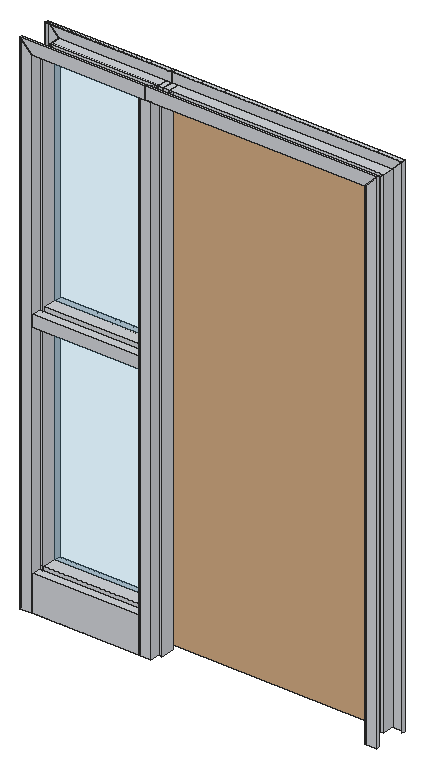
Revit family "SideLight Int-F-WDMF-36 x 84-18 RSLT-4 Head", category Doors, host Wall, Revit 2014
Parameters (values of type "Int-F-WDMF-36 x 84-18 RSLT-4 Head")
  Width = Door Panel Width  # 3' - 0"
  Wall Thickness [instance] = 0' - 5 3/4"
  URL = ""
  Type Comments = "EXT,"
  Thickness = 0' - 1 3/4"
  Swing Angle [instance] = 90.00°
  Sidelite Width = P2 Width - 0' 2"  # 1' - 6"
  SDI Right Sidelite Width = Sidelite Width  # 1' - 6"
  SDI RO Spacing = 0' - 0"
  SDI Panel 1 Width = Leaf Width + 0' 0 3/16"  # 3' - 0"
  SDI No Panels = ""
  SDI HW Set [instance] = ""
  SDI HW Item 20 [instance] = ""
  SDI HW Item 19 [instance] = ""
  SDI HW Item 18 [instance] = ""
  SDI HW Item 17 [instance] = ""
  SDI HW Item 16 [instance] = ""
  SDI HW Item 15 [instance] = ""
  SDI HW Item 14 [instance] = ""
  SDI HW Item 13 [instance] = ""
  SDI HW Item 12 [instance] = ""
  SDI HW Item 11 [instance] = ""
  SDI HW Item 10 [instance] = ""
  SDI HW Item 09 [instance] = ""
  SDI HW Item 08 [instance] = ""
  SDI HW Item 07 [instance] = ""
  SDI HW Item 06 [instance] = ""
  SDI HW Item 05 [instance] = ""
  SDI HW Item 04 [instance] = ""
  SDI HW Item 03 [instance] = ""
  SDI HW Item 02 [instance] = ""
  SDI HW Item 01 [instance] = ""
  SDI Glass Material = Glass
  SDI Frame Type = "Right Sidelite"
  SDI Frame Sill Width = 0' - 6"
  SDI Frame Material Type = "Hollow Metal"
  SDI Frame Material = Paint - Generic - Prime
  SDI Frame Manufacturer = ""
  SDI Frame Jamb Width = 0' - 2"
  SDI Frame Head Width = 0' - 2"
  SDI Frame Finish Type = "Painted"
  SDI Frame Finish Color = "Prime"
  SDI Frame Depth [instance] = 0' - 5 3/4"
  SDI Family Version = "1.0"
  SDI Door Panel Type = "F"
  SDI Door Material Type = "Wood"
  SDI Door Material = Stain - SRO - Red Oak 100 Clear
  SDI Door Manufacturer = ""
  SDI Door Finish Type = "SRO"
  SDI Door Finish Color = "Red Oak 100 Clear"
  SDI Door Configuration = "SG"
  SDI Arch Frame Type [instance] = ""
  SDI Arch Frame Material Type [instance] = "HM"
  SDI Arch Door Panel Type [instance] = "F"
  SDI Arch Door Material Type [instance] = "WD"
  SDI Adjacent Wall Placement = 0' - 4"
  Rough Width = Frame Width - 0' 0" + 2 * SDI RO Spacing  # 5' - 0"
  Rough Height = Frame Height - 0' 0" + SDI RO Spacing  # 7' - 2"
  R1 Height = 7' - 0"
  P2 Width = 1' - 8"
  P1 Width = 3' - 2"
  Model = "Int-F-WDMF-36 x 84-18 RSLT-4 Head"
  Manufacturer = ""
  Leaf Width = P1 Width - 0' 2 3/16"  # 2' - 11 13/16"
  Height = Door Panel Height  # 7' - 0"
  Glass Offset [instance] = 0' 2 1/16" + (SDI Frame Depth - 0' 5 3/4") / 2  # 0' - 2 1/16"
  Function = Interior
  Frame Width = P1 Width + P2 Width + 0' 2"  # 5' - 0"
  Frame Offset [instance] = if(Aligned Exterior, SDI Frame Depth / 2, if(Aligned Center, Wall Thickness / 2, if(Aligned Interior, Wall Thickness - SDI Frame Depth + SDI Frame Depth / 2, Aligned Other)))  # 0' - 2 7/8"
  Frame Height = R1 Height + 0' 2"  # 7' - 2"
  Fire Rating = ""
  Exterior Glazing [instance] = no
  Door Panel Width = P1 Width - 0' 2"  # 3' - 0"
  Door Panel Height = R1 Height + 0' 2" - (0' 2")  # 7' - 0"
  Door Offset [instance] = 0' 2 13/16" + (SDI Frame Depth - 0' 5 3/4") / 2  # 0' - 2 13/16"
  Description = "Wood Door with Hollow Metal Frame"
  Cost = 0
  Assembly Code = "C1020320"
  Analytic Construction = "<None>"
  Aligned Other [instance] = 0' - 0"
  Aligned Interior [instance] = no
  Aligned Exterior [instance] = yes
  Aligned Center [instance] = no
  ADA Clearance Lines = no
Reference planes (in)
  plane 1: y = 0
  plane 2 "Center (Left/Right)": x = 0
  plane 3 "Wall Edge": y = 2.875
  plane 4 "Wall Interior": y = -2.875
  plane 5 "ModelRefLevel": z = 0
  plane 6 "FrameDepthPlane": y = 0
  plane 7 "FrameFront": y = 2.875
  plane 8 "FrameBack": y = -2.875
  plane 9 "V0": x = 29
  plane 10 "V1": x = -9
  plane 11 "V2": x = -29
  plane 12 "H0": z = 1
  plane 13 "H1": z = 85
  plane 14 "InTermLeftJamb0": x = 28
  plane 15 "OutTermLeftJamb0": x = 30
  plane 16 "OutsideJamb1": x = -10
  plane 17 "InsideJamb1": x = -8
  plane 18 "InTermRightJamb2": x = -28
  plane 19 "OutTermRightJamb2": x = -30
  plane 20 "D0.151041666666667": y = 1.0625
  plane 21 "D0.109375": y = 1.5625
  plane 22 "DoorLeft": x = 28
  plane 23 "DoorRight": x = -8
  plane 24 "DoorCenter": x = 10
  plane 25 "DoorTop": z = 83.875
  plane 26 "DoorCenterTB": z = 41.9375
  plane 27 "DoorExtFace": y = 2.8125
  plane 28 "DoorGlassFace": y = 2.0625
  plane 29 "LockCenterLine": z = 41.3125
  plane 30 "ActDoorLeft": x = 27.90625
  plane 31 "SwingClrPlane": y = 62.875
  plane 32 "SwingPartialPlane": y = 50.875
  plane 33 "LeftAdjWall": x = 34
  plane 34: z = 43
Forms (in)
  Extrusion 1, solid
    sketch origin (148.6875, 0, 43) x (-1, 0, 0) y (0, -1, 0)
      loop
        line (118.6875, -2.375) -> (118.6875, -2.875) -> (120.6875, -2.875) -> (120.6875, -0.9375) -> (121.3125, -0.9375) -> (121.3125, 1.3125) -> (120.6875, 1.3125) -> (120.6875, 2.875) -> (118.6875, 2.875) -> (118.6875, 2.4375) -> (118.75, 2.4375) -> (118.75, 2.8125) -> (120.625, 2.8125) -> (120.625, 1.25) -> (121.25, 1.25) -> (121.25, -0.875) -> (120.625, -0.875) -> (120.625, -2.8125) -> (118.75, -2.8125) -> (118.75, -2.375) -> (118.6875, -2.375)
    from -43 to 43
  Extrusion 2, void
    sketch origin (0, 2.875, 0) x (1, 0, 0) y (0, 0, 1)
      loop
        line (30, 86) -> (27.375, 86) -> (27.375, 83.375) -> (30, 86)
    from -12 to 12
  Extrusion 3, solid
    sketch origin (111, 0, 42) x (-1, 0, 0) y (0, -1, 0)
      loop
        line (121, -0.9375) -> (121.625, -0.9375) -> (121.625, 1.3125) -> (121, 1.3125) -> (121, 2.875) -> (119, 2.875) -> (119, 1.3125) -> (118.375, 1.3125) -> (118.375, -0.9375) -> (119, -0.9375) -> (119, -2.875) -> (121, -2.875) -> (121, -0.9375)
      loop
        line (120.9375, -0.875) -> (121.5625, -0.875) -> (121.5625, 1.25) -> (120.9375, 1.25) -> (120.9375, 2.8125) -> (119.0625, 2.8125) -> (119.0625, 1.25) -> (118.4375, 1.25) -> (118.4375, -0.875) -> (119.0625, -0.875) -> (119.0625, -2.8125) -> (120.9375, -2.8125) -> (120.9375, -0.875)
    from -42 to 42
  Extrusion 4, solid
    sketch origin (91.3125, 0, 43) x (-1, 0, 0) y (0, -1, 0)
      loop
        line (121.25, -2.375) -> (121.25, -2.8125) -> (119.375, -2.8125) -> (119.375, -0.875) -> (118.75, -0.875) -> (118.75, 1.25) -> (119.375, 1.25) -> (119.375, 2.8125) -> (121.25, 2.8125) -> (121.25, 2.4375) -> (121.3125, 2.4375) -> (121.3125, 2.875) -> (119.3125, 2.875) -> (119.3125, 1.3125) -> (118.6875, 1.3125) -> (118.6875, -0.9375) -> (119.3125, -0.9375) -> (119.3125, -2.875) -> (121.3125, -2.875) -> (121.3125, -2.375) -> (121.25, -2.375)
    from -43 to 43
  Extrusion 5, void
    sketch origin (0, 2.875, 0) x (1, 0, 0) y (0, 0, 1)
      loop
        line (-30, 86) -> (-27.375, 83.375) -> (-27.375, 86) -> (-30, 86)
    from -12 to 12
  Extrusion 6, solid
    sketch origin (-19, 0, 3.3125) x (0, 1, 0) y (0, 0, 1)
      loop
        line (2.375, -3.3125) -> (2.875, -3.3125) -> (2.875, 2.6875) -> (0.9375, 2.6875) -> (0.9375, 3.3125) -> (-1.3125, 3.3125) -> (-1.3125, 2.6875) -> (-2.875, 2.6875) -> (-2.875, -3.3125) -> (-2.4375, -3.3125) -> (-2.4375, -3.25) -> (-2.8125, -3.25) -> (-2.8125, 2.625) -> (-1.25, 2.625) -> (-1.25, 3.25) -> (0.875, 3.25) -> (0.875, 2.625) -> (2.8125, 2.625) -> (2.8125, -3.25) -> (2.375, -3.25) -> (2.375, -3.3125)
    from -9 to 9
  Extrusion 7, solid
    sketch origin (10.5, 0, 84.6875) x (0, 1, 0) y (0, 0, 1)
      loop
        line (2.375, 1.25) -> (2.8125, 1.25) -> (2.8125, -0.625) -> (0.875, -0.625) -> (0.875, -1.25) -> (-1.25, -1.25) -> (-1.25, -0.625) -> (-2.8125, -0.625) -> (-2.8125, 1.25) -> (-2.4375, 1.25) -> (-2.4375, 1.3125) -> (-2.875, 1.3125) -> (-2.875, -0.6875) -> (-1.3125, -0.6875) -> (-1.3125, -1.3125) -> (0.9375, -1.3125) -> (0.9375, -0.6875) -> (2.875, -0.6875) -> (2.875, 1.3125) -> (2.375, 1.3125) -> (2.375, 1.25)
    from -19.5 to 19.5
  Extrusion 8, void
    sketch origin (0, 2.875, 0) x (1, 0, 0) y (0, 0, 1)
      loop
        line (30, 86) -> (27.375, 83.375) -> (30, 83.375) -> (30, 86)
    from -12 to 12
  Extrusion 9, solid
    sketch origin (-19.5, 0, 84.6875) x (0, 1, 0) y (0, 0, 1)
      loop
        line (2.375, 1.25) -> (2.8125, 1.25) -> (2.8125, -0.625) -> (0.875, -0.625) -> (0.875, -1.25) -> (-1.25, -1.25) -> (-1.25, -0.625) -> (-2.8125, -0.625) -> (-2.8125, 1.25) -> (-2.4375, 1.25) -> (-2.4375, 1.3125) -> (-2.875, 1.3125) -> (-2.875, -0.6875) -> (-1.3125, -0.6875) -> (-1.3125, -1.3125) -> (0.9375, -1.3125) -> (0.9375, -0.6875) -> (2.875, -0.6875) -> (2.875, 1.3125) -> (2.375, 1.3125) -> (2.375, 1.25)
    from -10.5 to 10.5
  Extrusion 10, void
    sketch origin (0, 2.875, 0) x (1, 0, 0) y (0, 0, 1)
      loop
        line (-30, 86) -> (-30, 83.375) -> (-27.375, 83.375) -> (-30, 86)
    from -12 to 12
  Extrusion 11, solid, material "Glass" <- "SDI Glass Material"
    sketch origin (-60, 1.0625, -12) x (1, 0, 0) y (0, 0, 1)
      loop
        line (50, 18) -> (50, 55) -> (32, 55) -> (32, 18) -> (50, 18)
      loop
        line (32, 96) -> (32, 57) -> (50, 57) -> (50, 96) -> (32, 96)
    from -0.125 to 0.125
  Extrusion 12, solid, material "Glass" <- "SDI Glass Material", visible <- "Exterior Glazing"
    sketch origin (-60, 1.5625, -12) x (1, 0, 0) y (0, 0, 1)
      loop
        line (50, 18) -> (50, 55) -> (32, 55) -> (32, 18) -> (50, 18)
      loop
        line (32, 96) -> (32, 57) -> (50, 57) -> (50, 96) -> (32, 96)
    from -0.125 to 0.125
  Extrusion 13, solid, material "Stain - SRO - Red Oak 100 Clear" <- "SDI Door Material"
    sketch origin (-60, 2.8125, -12) x (1, 0, 0) y (0, 0, 1)
      loop
        line (87.90625, 12.625) -> (87.90625, 95.875) -> (52.09375, 95.875) -> (52.09375, 12.625) -> (87.90625, 12.625)
    from 0 to 1.75
  Sweep 14, solid
    path origin (-19.84156, 3.15941, -0.13148) x (1, 0, 0) y (0, 0, 1)
      loop
        line (9.84156, 43.13148) -> (-8.15844, 43.13148)
    profile origin (-19, 3.15941, 43) x (0, 0, -1) y (0, -1, 0)
      loop
        line (0.5625, 4.375) -> (-0.0625, 4.375) -> (-0.0625, 5.9375) -> (-1.9375, 5.9375) -> (-1.9375, 4.375) -> (-2.5625, 4.375) -> (-2.5625, 2.25) -> (-1.9375, 2.25) -> (-1.9375, 0.3125) -> (-0.0625, 0.3125) -> (-0.0625, 2.25) -> (0.5625, 2.25) -> (0.5625, 4.375)
      loop
        line (-2, 0.25) -> (0, 0.25) -> (0, 2.1875) -> (0.625, 2.1875) -> (0.625, 4.4375) -> (0, 4.4375) -> (0, 6) -> (-2, 6) -> (-2, 4.4375) -> (-2.625, 4.4375) -> (-2.625, 2.1875) -> (-2, 2.1875) -> (-2, 0.25)
Cuts and joins
  Extrusion 2 cuts Extrusion 1
  Extrusion 5 cuts Extrusion 4
  Extrusion 8 cuts Extrusion 7
  Extrusion 10 cuts Extrusion 9
Lines and regions (in)
  Opening 1
    outline origin (-60, -2.875, 0) x (1, 0, 0) y (0, 0, 1)
      loop
        line (90, 0) -> (90, 86) -> (30, 86) -> (30, 0) -> (90, 0)
  symbolic lines, style "DoorsFrameMullionProjection", detail levels fine
    curve 1: line (30, 2.375, 0) -> (30, 2.875, 0)
    curve 2: line (30, 2.875, 0) -> (28, 2.875, 0)
    curve 3: line (28, 2.875, 0) -> (28, 0.9375, 0)
    curve 4: line (28, 0.9375, 0) -> (27.375, 0.9375, 0)
    curve 5: line (27.375, 0.9375, 0) -> (27.375, -1.3125, 0)
    curve 6: line (27.375, -1.3125, 0) -> (28, -1.3125, 0)
    curve 7: line (28, -1.3125, 0) -> (28, -2.875, 0)
    curve 8: line (28, -2.875, 0) -> (30, -2.875, 0)
    curve 9: line (30, -2.875, 0) -> (30, -2.4375, 0)
    curve 10: line (30, -2.4375, 0) -> (29.9375, -2.4375, 0)
    curve 11: line (29.9375, -2.4375, 0) -> (29.9375, -2.8125, 0)
    curve 12: line (29.9375, -2.8125, 0) -> (28.0625, -2.8125, 0)
    curve 13: line (28.0625, -2.8125, 0) -> (28.0625, -1.25, 0)
    curve 14: line (28.0625, -1.25, 0) -> (27.4375, -1.25, 0)
    curve 15: line (27.4375, -1.25, 0) -> (27.4375, 0.875, 0)
    curve 16: line (27.4375, 0.875, 0) -> (28.0625, 0.875, 0)
    curve 17: line (28.0625, 0.875, 0) -> (28.0625, 2.8125, 0)
    curve 18: line (28.0625, 2.8125, 0) -> (29.9375, 2.8125, 0)
    curve 19: line (29.9375, 2.8125, 0) -> (29.9375, 2.375, 0)
    curve 20: line (29.9375, 2.375, 0) -> (30, 2.375, 0)
    curve 25: line (-10, 0.9375, 0) -> (-10.625, 0.9375, 0)
    curve 26: line (-10.625, 0.9375, 0) -> (-10.625, -1.3125, 0)
    curve 27: line (-10.625, -1.3125, 0) -> (-10, -1.3125, 0)
    curve 28: line (-10, -1.3125, 0) -> (-10, -2.875, 0)
    curve 29: line (-10, -2.875, 0) -> (-8, -2.875, 0)
    curve 30: line (-8, -2.875, 0) -> (-8, -1.3125, 0)
    curve 31: line (-8, -1.3125, 0) -> (-7.375, -1.3125, 0)
    curve 32: line (-7.375, -1.3125, 0) -> (-7.375, 0.9375, 0)
    curve 33: line (-7.375, 0.9375, 0) -> (-8, 0.9375, 0)
    curve 34: line (-8, 0.9375, 0) -> (-8, 2.875, 0)
    curve 35: line (-8, 2.875, 0) -> (-10, 2.875, 0)
    curve 36: line (-10, 2.875, 0) -> (-10, 0.9375, 0)
    curve 37: line (-9.9375, 0.875, 0) -> (-10.5625, 0.875, 0)
    curve 38: line (-10.5625, 0.875, 0) -> (-10.5625, -1.25, 0)
    curve 39: line (-10.5625, -1.25, 0) -> (-9.9375, -1.25, 0)
    curve 40: line (-9.9375, -1.25, 0) -> (-9.9375, -2.8125, 0)
    curve 41: line (-9.9375, -2.8125, 0) -> (-8.0625, -2.8125, 0)
    curve 42: line (-8.0625, -2.8125, 0) -> (-8.0625, -1.25, 0)
    curve 43: line (-8.0625, -1.25, 0) -> (-7.4375, -1.25, 0)
    curve 44: line (-7.4375, -1.25, 0) -> (-7.4375, 0.875, 0)
    curve 45: line (-7.4375, 0.875, 0) -> (-8.0625, 0.875, 0)
    curve 46: line (-8.0625, 0.875, 0) -> (-8.0625, 2.8125, 0)
    curve 47: line (-8.0625, 2.8125, 0) -> (-9.9375, 2.8125, 0)
    curve 48: line (-9.9375, 2.8125, 0) -> (-9.9375, 0.875, 0)
    curve 53: line (-29.9375, 2.375, 0) -> (-29.9375, 2.8125, 0)
    curve 54: line (-29.9375, 2.8125, 0) -> (-28.0625, 2.8125, 0)
    curve 55: line (-28.0625, 2.8125, 0) -> (-28.0625, 0.875, 0)
    curve 56: line (-28.0625, 0.875, 0) -> (-27.4375, 0.875, 0)
    curve 57: line (-27.4375, 0.875, 0) -> (-27.4375, -1.25, 0)
    curve 58: line (-27.4375, -1.25, 0) -> (-28.0625, -1.25, 0)
    curve 59: line (-28.0625, -1.25, 0) -> (-28.0625, -2.8125, 0)
    curve 60: line (-28.0625, -2.8125, 0) -> (-29.9375, -2.8125, 0)
    curve 61: line (-29.9375, -2.8125, 0) -> (-29.9375, -2.4375, 0)
    curve 62: line (-29.9375, -2.4375, 0) -> (-30, -2.4375, 0)
    curve 63: line (-30, -2.4375, 0) -> (-30, -2.875, 0)
    curve 64: line (-30, -2.875, 0) -> (-28, -2.875, 0)
    curve 65: line (-28, -2.875, 0) -> (-28, -1.3125, 0)
    curve 66: line (-28, -1.3125, 0) -> (-27.375, -1.3125, 0)
    curve 67: line (-27.375, -1.3125, 0) -> (-27.375, 0.9375, 0)
    curve 68: line (-27.375, 0.9375, 0) -> (-28, 0.9375, 0)
    curve 69: line (-28, 0.9375, 0) -> (-28, 2.875, 0)
    curve 70: line (-28, 2.875, 0) -> (-30, 2.875, 0)
    curve 71: line (-30, 2.875, 0) -> (-30, 2.375, 0)
    curve 72: line (-30, 2.375, 0) -> (-29.9375, 2.375, 0)
  symbolic lines, style "DoorsFrameMullionProjection", detail levels coarse+medium
    curve 21: line (28, -2.875, 0) -> (30, -2.875, 0)
    curve 22: line (28, 2.875, 0) -> (30, 2.875, 0)
    curve 23: line (28, -2.875, 0) -> (28, 2.875, 0)
    curve 24: line (30, -2.875, 0) -> (30, 2.875, 0)
    curve 49: line (-10, -2.875, 0) -> (-8, -2.875, 0)
    curve 50: line (-10, 2.875, 0) -> (-8, 2.875, 0)
    curve 51: line (-10, -2.875, 0) -> (-10, 2.875, 0)
    curve 52: line (-8, -2.875, 0) -> (-8, 2.875, 0)
    curve 73: line (-30, -2.875, 0) -> (-28, -2.875, 0)
    curve 74: line (-30, 2.875, 0) -> (-28, 2.875, 0)
    curve 75: line (-30, -2.875, 0) -> (-30, 2.875, 0)
    curve 76: line (-28, -2.875, 0) -> (-28, 2.875, 0)
  symbolic lines, style "Elevation Swing"
    curve 77: line (-7.90625, 2.875, 83.875) -> (27.90625, 2.875, 41.9375)
    curve 78: line (-7.90625, 2.875, 0) -> (27.90625, 2.875, 41.9375)
  symbolic lines, style "ADA Clearance", visible <- "ADA Clearance Lines"
    curve 79: line (30, 2.875, 0) -> (30, 62.875, 0)
    curve 80: line (-26, 62.875, 0) -> (30, 62.875, 0)
    curve 81: line (-26, 50.875, 0) -> (30, 50.875, 0)
    curve 82: line (-26, 2.875, 0) -> (-26, 62.875, 0)
    curve 83: line (30, -2.875, 0) -> (30, -50.875, 0)
    curve 84: line (-20, -50.875, 0) -> (30, -50.875, 0)
    curve 85: line (-20, -2.875, 0) -> (-20, -50.875, 0)
Text (in)
  text "Placement Side" at (0, 40.15149, 123.01588), in view "Right"
  text "Placement Side" at (-70.3804, 28.46503, 0), in view "Ref. Level"
  text "Placement Side" at (0, 81.62555, 140.59947), in view "Left"
Dimensions and locks (in)
  locked: plane 3 "Wall Edge" to host wall
  equal spacing: host wall, plane 2 "Center (Left/Right)", host wall
  "Rough Width": host wall to host wall
  "Rough Height": level to host wall
  equal spacing: plane 3 "Wall Edge", plane 1, plane 4 "Wall Interior"
  "Wall Thickness": host wall to host wall
  "Frame Offset": plane 3 "Wall Edge" to plane 6 "FrameDepthPlane"
  equal spacing: plane 7 "FrameFront", plane 6 "FrameDepthPlane", plane 8 "FrameBack"
  "SDI Frame Depth": plane 7 "FrameFront" to plane 8 "FrameBack"
  equal spacing: plane 9 "V0", plane 2 "Center (Left/Right)", plane 11 "V2"
  "P1 Width": plane 9 "V0" to plane 10 "V1"
  "P2 Width": plane 10 "V1" to plane 11 "V2"
  "R1 Height": plane 12 "H0" to plane 13 "H1"
  locked: plane 13 "H1" to Extrusion 1 at 1
  locked: plane 12 "H0" to Extrusion 1 at 1
  locked: plane 9 "V0" to Extrusion 1 at 1  (x4)
  locked: plane 9 "V0" to Extrusion 1 at 0.9375  (x5)
  locked: plane 9 "V0" to Extrusion 1 at 1.5625
  locked: plane 9 "V0" to Extrusion 1 at 1.625
  locked: plane 9 "V0" to curve 1 at 1
  locked: plane 9 "V0" to curve 2 at 1
  locked: plane 9 "V0" to curve 3 at 1
  locked: plane 9 "V0" to curve 4 at 1
  locked: plane 9 "V0" to curve 5 at 1.625
  locked: plane 9 "V0" to curve 6 at 1.625
  locked: plane 9 "V0" to curve 7 at 1
  locked: plane 9 "V0" to curve 8 at 1
  locked: plane 9 "V0" to curve 9 at 1
  locked: plane 9 "V0" to curve 10 at 1
  locked: plane 9 "V0" to curve 11 at 0.9375
  locked: plane 9 "V0" to curve 12 at 0.9375
  locked: plane 9 "V0" to curve 13 at 0.9375
  locked: plane 9 "V0" to curve 14 at 0.9375
  locked: plane 9 "V0" to curve 15 at 1.5625
  locked: plane 9 "V0" to curve 16 at 1.5625
  locked: plane 9 "V0" to curve 17 at 0.9375
  locked: plane 9 "V0" to curve 18 at 0.9375
  locked: plane 9 "V0" to curve 19 at 0.9375
  locked: plane 9 "V0" to curve 20 at 0.9375
  locked: plane 9 "V0" to plane 15 "OutTermLeftJamb0" at 1
  locked: plane 9 "V0" to plane 14 "InTermLeftJamb0" at 1
  locked: plane 9 "V0" to curve 21 at 1
  locked: plane 9 "V0" to curve 22 at 1
  locked: plane 9 "V0" to curve 23 at 1
  locked: plane 9 "V0" to curve 24 at 1
  locked: plane 13 "H1" to Extrusion 3 at 1
  locked: plane 12 "H0" to Extrusion 3 at 1
  locked: plane 10 "V1" to Extrusion 3 at 1  (x5)
  locked: plane 10 "V1" to Extrusion 3 at 1.625  (x2)
  locked: plane 10 "V1" to Extrusion 3 at 1.5625  (x2)
  locked: plane 10 "V1" to Extrusion 3 at 0.9375  (x4)
  locked: plane 10 "V1" to curve 25 at 1
  locked: plane 10 "V1" to curve 26 at 1.625
  locked: plane 10 "V1" to curve 27 at 1.625
  locked: plane 10 "V1" to curve 28 at 1
  locked: plane 10 "V1" to curve 29 at 1
  locked: plane 10 "V1" to curve 30 at 1
  locked: plane 10 "V1" to curve 31 at 1
  locked: plane 10 "V1" to curve 32 at 1.625
  locked: plane 10 "V1" to curve 33 at 1.625
  locked: plane 10 "V1" to curve 34 at 1
  locked: plane 10 "V1" to curve 35 at 1
  locked: plane 10 "V1" to curve 36 at 1
  locked: plane 10 "V1" to curve 37 at 0.9375
  locked: plane 10 "V1" to curve 38 at 1.5625
  locked: plane 10 "V1" to curve 39 at 1.5625
  locked: plane 10 "V1" to curve 40 at 0.9375
  locked: plane 10 "V1" to curve 41 at 0.9375
  locked: plane 10 "V1" to curve 42 at 0.9375
  locked: plane 10 "V1" to curve 43 at 0.9375
  locked: plane 10 "V1" to curve 44 at 1.5625
  locked: plane 10 "V1" to curve 45 at 1.5625
  locked: plane 10 "V1" to curve 46 at 0.9375
  locked: plane 10 "V1" to curve 47 at 0.9375
  locked: plane 10 "V1" to curve 48 at 0.9375
  locked: plane 10 "V1" to plane 16 "OutsideJamb1" at 1
  locked: plane 10 "V1" to plane 17 "InsideJamb1" at 1
  locked: plane 10 "V1" to curve 49 at 1
  locked: plane 10 "V1" to curve 50 at 1
  locked: plane 10 "V1" to curve 51 at 1
  locked: plane 10 "V1" to curve 52 at 1
  locked: plane 13 "H1" to Extrusion 4 at 1
  locked: plane 12 "H0" to Extrusion 4 at 1
  locked: plane 11 "V2" to Extrusion 4 at 0.9375  (x4)
  locked: plane 11 "V2" to Extrusion 4 at 1  (x5)
  locked: plane 11 "V2" to Extrusion 4 at 1.625
  locked: plane 11 "V2" to Extrusion 4 at 1.5625
  locked: plane 11 "V2" to curve 53 at 0.9375
  locked: plane 11 "V2" to curve 54 at 0.9375
  locked: plane 11 "V2" to curve 55 at 0.9375
  locked: plane 11 "V2" to curve 56 at 0.9375
  locked: plane 11 "V2" to curve 57 at 1.5625
  locked: plane 11 "V2" to curve 58 at 1.5625
  locked: plane 11 "V2" to curve 59 at 0.9375
  locked: plane 11 "V2" to curve 60 at 0.9375
  locked: plane 11 "V2" to curve 61 at 0.9375
  locked: plane 11 "V2" to curve 62 at 0.9375
  locked: plane 11 "V2" to curve 63 at 1
  locked: plane 11 "V2" to curve 64 at 1
  locked: plane 11 "V2" to curve 65 at 1
  locked: plane 11 "V2" to curve 66 at 1
  locked: plane 11 "V2" to curve 67 at 1.625
  locked: plane 11 "V2" to curve 68 at 1.625
  locked: plane 11 "V2" to curve 69 at 1
  locked: plane 11 "V2" to curve 70 at 1
  locked: plane 11 "V2" to curve 71 at 1
  locked: plane 11 "V2" to curve 72 at 1
  locked: plane 11 "V2" to plane 18 "InTermRightJamb2" at 1
  locked: plane 11 "V2" to plane 19 "OutTermRightJamb2" at 1
  locked: plane 11 "V2" to curve 73 at 1
  locked: plane 11 "V2" to curve 74 at 1
  locked: plane 11 "V2" to curve 75 at 1
  locked: plane 11 "V2" to curve 76 at 1
  locked: plane 10 "V1" to Extrusion 6 at 1
  locked: plane 11 "V2" to Extrusion 6 at 1
  locked: plane 12 "H0" to Extrusion 6 at 5  (x2)
  locked: plane 12 "H0" to Extrusion 6 at 5.625
  locked: plane 12 "H0" to Extrusion 6 at 0.9375  (x2)
  locked: plane 12 "H0" to Extrusion 6 at 1  (x3)
  locked: plane 12 "H0" to Extrusion 6 at 4.9375  (x2)
  locked: plane 12 "H0" to Extrusion 6 at 5.5625
  locked: plane 9 "V0" to Extrusion 7 at 1
  locked: plane 13 "H1" to Extrusion 7 at 0.9375  (x5)
  locked: plane 13 "H1" to Extrusion 7 at 1.5625
  locked: plane 13 "H1" to Extrusion 7 at 1  (x4)
  locked: plane 13 "H1" to Extrusion 7 at 1.625
  locked: plane 11 "V2" to Extrusion 9 at 1
  locked: plane 13 "H1" to Extrusion 9 at 0.9375  (x5)
  locked: plane 13 "H1" to Extrusion 9 at 1.5625
  locked: plane 13 "H1" to Extrusion 9 at 1  (x4)
  locked: plane 13 "H1" to Extrusion 9 at 1.625
  locked: plane 7 "FrameFront" to cut or joined group of Extrusion 1, Extrusion 2 at 1.9375
  locked: plane 7 "FrameFront" to cut or joined group of Extrusion 1, Extrusion 2 at 2
  locked: plane 7 "FrameFront" to cut or joined group of Extrusion 1, Extrusion 2 at 0.0625
  locked: plane 7 "FrameFront" to cut or joined group of Extrusion 1, Extrusion 2 at 0.5
  locked: plane 8 "FrameBack" to cut or joined group of Extrusion 1, Extrusion 2 at 1.5625
  locked: plane 8 "FrameBack" to cut or joined group of Extrusion 1, Extrusion 2 at 0.4375
  locked: plane 8 "FrameBack" to cut or joined group of Extrusion 1, Extrusion 2 at 0.0625
  locked: plane 8 "FrameBack" to cut or joined group of Extrusion 1, Extrusion 2 at 1.625
  locked: plane 7 "FrameFront" to Extrusion 3 at 1.9375  (x2)
  locked: plane 7 "FrameFront" to Extrusion 3 at 2  (x2)
  locked: plane 7 "FrameFront" to Extrusion 3 at 0.0625
  locked: plane 8 "FrameBack" to Extrusion 3 at 1.5625  (x2)
  locked: plane 8 "FrameBack" to Extrusion 3 at 1.625  (x2)
  locked: plane 8 "FrameBack" to Extrusion 3 at 0.0625
  locked: plane 7 "FrameFront" to cut or joined group of Extrusion 4, Extrusion 5 at 0.0625
  locked: plane 7 "FrameFront" to cut or joined group of Extrusion 4, Extrusion 5 at 2
  locked: plane 7 "FrameFront" to cut or joined group of Extrusion 4, Extrusion 5 at 1.9375
  locked: plane 7 "FrameFront" to cut or joined group of Extrusion 4, Extrusion 5 at 0.5
  locked: plane 8 "FrameBack" to cut or joined group of Extrusion 4, Extrusion 5 at 1.625
  locked: plane 8 "FrameBack" to cut or joined group of Extrusion 4, Extrusion 5 at 0.0625
  locked: plane 8 "FrameBack" to cut or joined group of Extrusion 4, Extrusion 5 at 0.4375
  locked: plane 8 "FrameBack" to cut or joined group of Extrusion 4, Extrusion 5 at 1.5625
  locked: plane 7 "FrameFront" to Extrusion 6 at 1.9375
  locked: plane 7 "FrameFront" to Extrusion 6 at 2
  locked: plane 7 "FrameFront" to Extrusion 6 at 0.0625
  locked: plane 7 "FrameFront" to Extrusion 6 at 0.5
  locked: plane 8 "FrameBack" to Extrusion 6 at 1.5625
  locked: plane 8 "FrameBack" to Extrusion 6 at 0.4375
  locked: plane 8 "FrameBack" to Extrusion 6 at 0.0625
  locked: plane 8 "FrameBack" to Extrusion 6 at 1.625
  locked: plane 7 "FrameFront" to cut or joined group of Extrusion 7, Extrusion 8 at 0.0625
  locked: plane 7 "FrameFront" to cut or joined group of Extrusion 7, Extrusion 8 at 2
  locked: plane 7 "FrameFront" to cut or joined group of Extrusion 7, Extrusion 8 at 1.9375
  locked: plane 7 "FrameFront" to cut or joined group of Extrusion 7, Extrusion 8 at 0.5
  locked: plane 8 "FrameBack" to cut or joined group of Extrusion 7, Extrusion 8 at 1.625
  locked: plane 8 "FrameBack" to cut or joined group of Extrusion 7, Extrusion 8 at 0.0625
  locked: plane 8 "FrameBack" to cut or joined group of Extrusion 7, Extrusion 8 at 0.4375
  locked: plane 8 "FrameBack" to cut or joined group of Extrusion 7, Extrusion 8 at 1.5625
  locked: plane 7 "FrameFront" to cut or joined group of Extrusion 9, Extrusion 10 at 0.0625
  locked: plane 7 "FrameFront" to cut or joined group of Extrusion 9, Extrusion 10 at 2
  locked: plane 7 "FrameFront" to cut or joined group of Extrusion 9, Extrusion 10 at 1.9375
  locked: plane 7 "FrameFront" to cut or joined group of Extrusion 9, Extrusion 10 at 0.5
  locked: plane 8 "FrameBack" to cut or joined group of Extrusion 9, Extrusion 10 at 1.625
  locked: plane 8 "FrameBack" to cut or joined group of Extrusion 9, Extrusion 10 at 0.0625
  locked: plane 8 "FrameBack" to cut or joined group of Extrusion 9, Extrusion 10 at 0.4375
  locked: plane 8 "FrameBack" to cut or joined group of Extrusion 9, Extrusion 10 at 1.5625
  locked: plane 7 "FrameFront" to curve 4 at 1.9375
  locked: plane 7 "FrameFront" to curve 16 at 2
  locked: plane 7 "FrameFront" to curve 18 at 0.0625
  locked: plane 7 "FrameFront" to curve 20 at 0.5
  locked: plane 7 "FrameFront" to curve 25 at 1.9375
  locked: plane 7 "FrameFront" to curve 33 at 1.9375
  locked: plane 7 "FrameFront" to curve 37 at 2
  locked: plane 7 "FrameFront" to curve 45 at 2
  locked: plane 7 "FrameFront" to curve 47 at 0.0625
  locked: plane 7 "FrameFront" to curve 54 at 0.0625
  locked: plane 7 "FrameFront" to curve 56 at 2
  locked: plane 7 "FrameFront" to curve 68 at 1.9375
  locked: plane 7 "FrameFront" to curve 72 at 0.5
  locked: plane 8 "FrameBack" to curve 6 at 1.5625
  locked: plane 8 "FrameBack" to curve 10 at 0.4375
  locked: plane 8 "FrameBack" to curve 12 at 0.0625
  locked: plane 8 "FrameBack" to curve 14 at 1.625
  locked: plane 8 "FrameBack" to curve 27 at 1.5625
  locked: plane 8 "FrameBack" to curve 31 at 1.5625
  locked: plane 8 "FrameBack" to curve 39 at 1.625
  locked: plane 8 "FrameBack" to curve 41 at 0.0625
  locked: plane 8 "FrameBack" to curve 43 at 1.625
  locked: plane 8 "FrameBack" to curve 58 at 1.625
  locked: plane 8 "FrameBack" to curve 60 at 0.0625
  locked: plane 8 "FrameBack" to curve 62 at 0.4375
  locked: plane 8 "FrameBack" to curve 66 at 1.5625
  locked: plane 7 "FrameFront" to Extrusion 11 at 1.9375
  locked: plane 7 "FrameFront" to Extrusion 11 at 1.6875
  locked: plane 7 "FrameFront" to Extrusion 12 at 1.4375
  locked: plane 7 "FrameFront" to Extrusion 12 at 1.1875
  locked: plane 9 "V0" to plane 22 "DoorLeft" at 1
  locked: plane 10 "V1" to plane 23 "DoorRight" at 1
  locked: plane 13 "H1" to plane 25 "DoorTop" at 1.125
  equal spacing: plane 25 "DoorTop", plane 26 "DoorCenterTB", plane 5 "ModelRefLevel"
  "Door Offset": plane 6 "FrameDepthPlane" to plane 27 "DoorExtFace"
  "Glass Offset": plane 6 "FrameDepthPlane" to plane 28 "DoorGlassFace"
  locked: plane 29 "LockCenterLine" to plane 5 "ModelRefLevel" at 41.3125
  locked: Extrusion 13 to Extrusion 13 at 1.75
  locked: plane 22 "DoorLeft" to Extrusion 13 at 0.09375
  locked: plane 23 "DoorRight" to Extrusion 13 at 0.09375
  locked: plane 5 "ModelRefLevel" to Extrusion 13 at 0.625
  locked: plane 22 "DoorLeft" to plane 30 "ActDoorLeft" at 0.09375
  locked: plane 3 "Wall Edge" to plane 31 "SwingClrPlane" at 60
  locked: plane 3 "Wall Edge" to plane 32 "SwingPartialPlane" at 48
  "SDI Adjacent Wall Placement": plane 15 "OutTermLeftJamb0" to plane 33 "LeftAdjWall"
  equal spacing: plane 12 "H0", plane 34, plane 13 "H1"
  locked: Extrusion 12 sketch curve to Extrusion 12 sketch curve at 2
  Sweep 14 sketch curve to Sweep 14 sketch curve = 1' - 6"
  aligned and locked: plane 4 "Wall Interior" to host wall
  aligned and locked: Extrusion 7 to plane 10 "V1"
  aligned and locked: plane 10 "V1" to Extrusion 9
  aligned and locked: cut or joined group of Extrusion 1, Extrusion 2 to plane 7 "FrameFront"
  aligned and locked: plane 8 "FrameBack" to cut or joined group of Extrusion 1, Extrusion 2
  aligned and locked: Extrusion 3 to plane 7 "FrameFront"
  aligned and locked: plane 8 "FrameBack" to Extrusion 3
  aligned and locked: cut or joined group of Extrusion 4, Extrusion 5 to plane 7 "FrameFront"
  aligned and locked: plane 8 "FrameBack" to cut or joined group of Extrusion 4, Extrusion 5
  aligned and locked: Extrusion 6 to plane 7 "FrameFront"
  aligned and locked: plane 8 "FrameBack" to Extrusion 6
  aligned and locked: cut or joined group of Extrusion 7, Extrusion 8 to plane 7 "FrameFront"
  aligned and locked: plane 8 "FrameBack" to cut or joined group of Extrusion 7, Extrusion 8
  aligned and locked: cut or joined group of Extrusion 9, Extrusion 10 to plane 7 "FrameFront"
  aligned and locked: plane 8 "FrameBack" to cut or joined group of Extrusion 9, Extrusion 10
  aligned and locked: curve 2 to plane 7 "FrameFront"
  aligned and locked: plane 7 "FrameFront" to curve 22
  aligned and locked: curve 35 to plane 7 "FrameFront"
  aligned and locked: plane 7 "FrameFront" to curve 50
  aligned and locked: curve 70 to plane 7 "FrameFront"
  aligned and locked: plane 7 "FrameFront" to curve 74
  aligned and locked: plane 8 "FrameBack" to curve 8
  aligned and locked: plane 8 "FrameBack" to curve 29
  aligned and locked: plane 8 "FrameBack" to curve 64
  aligned and locked: Extrusion 13 to plane 27 "DoorExtFace"
  aligned and locked: Extrusion 13 to plane 25 "DoorTop"
  aligned and locked: plane 7 "FrameFront" to nested 1
  aligned and locked: plane 30 "ActDoorLeft" to nested 1
  aligned and locked: plane 31 "SwingClrPlane" to curve 80
  aligned and locked: plane 32 "SwingPartialPlane" to curve 81
  aligned and locked: plane 34 to Extrusion 12 sketch curve
  aligned and locked: Extrusion 11 sketch curve to Extrusion 12  (x2)
  aligned and locked: Sweep 14 sketch curve to plane 34
  aligned and locked: plane 16 "OutsideJamb1" to Sweep 14 sketch curve
Automatic sketch dimensions
  Opening 1 sketch curve to level = 0' - 0"
  Opening 1 sketch curve to plane 2 "Center (Left/Right)" = 2' - 6"
  plane 2 "Center (Left/Right)" to Opening 1 sketch curve = 2' - 6"
  level to Opening 1 sketch curve = 7' - 2"
  Extrusion 2 sketch curve to plane 9 "V0" = 0' - 1 5/8"
  plane 9 "V0" to Extrusion 2 sketch curve = 0' - 1"
  plane 13 "H1" to Extrusion 2 sketch curve = 0' - 1 5/8"
  Extrusion 2 sketch curve to plane 13 "H1" = 0' - 1"
  Extrusion 1 sketch curve to host wall = 0' - 0"
  host wall to Extrusion 1 sketch curve = 0' - 0"
  Extrusion 1 sketch curve to host wall = 0' - 0 1/2"
  plane 2 "Center (Left/Right)" to Extrusion 1 sketch curve = 2' - 6"  (x2)
  Extrusion 1 sketch curve to host wall = 0' - 0 7/16"
  Extrusion 1 sketch curve to Extrusion 1 sketch curve = 0' - 0 1/16"  (x7)
  plane 2 "Center (Left/Right)" to Extrusion 1 sketch curve = 2' - 4 1/16"  (x2)
  Extrusion 1 sketch curve to host wall = 0' - 0 1/16"  (x2)
  Extrusion 1 sketch curve to Extrusion 1 sketch curve = 0' - 0 9/16"
  Extrusion 1 sketch curve to host wall = 0' - 0 15/16"
  host wall to Extrusion 1 sketch curve = 0' - 1 1/4"
  plane 9 "V0" to curve 1 = 0' - 1"
  curve 3 to curve 4 = 0' - 0 5/8"
  curve 7 to plane 9 "V0" = 0' - 1"
  curve 9 to curve 10 = 0' - 0 1/16"
  curve 12 to curve 7 = 0' - 0 1/16"
  curve 14 to curve 5 = 0' - 0 1/16"
  curve 16 to curve 3 = 0' - 0 1/16"
  curve 1 to curve 18 = 0' - 0 1/16"
  host wall to Extrusion 3 sketch curve = 0' - 0"
  Extrusion 3 sketch curve to host wall = 0' - 0"
  Extrusion 3 sketch curve to plane 2 "Center (Left/Right)" = 0' - 7 3/8"
  Extrusion 3 sketch curve to Extrusion 3 sketch curve = 0' - 0 1/16"  (x10)
  Extrusion 3 sketch curve to Extrusion 3 sketch curve = 0' - 0 9/16"  (x2)
  Extrusion 3 sketch curve to plane 2 "Center (Left/Right)" = 0' - 8"
  Extrusion 3 sketch curve to host wall = 0' - 0 1/16"  (x2)
  Extrusion 3 sketch curve to plane 2 "Center (Left/Right)" = 0' - 9 15/16"  (x2)
  Extrusion 3 sketch curve to host wall = 0' - 0 15/16"  (x2)
  host wall to Extrusion 3 sketch curve = 0' - 1 1/4"  (x2)
  curve 25 to curve 25 = 0' - 0 5/8"
  curve 31 to curve 30 = 0' - 0 5/8"
  curve 37 to curve 25 = 0' - 0 1/16"
  curve 39 to curve 27 = 0' - 0 1/16"
  curve 29 to curve 41 = 0' - 0 1/16"
  curve 31 to curve 43 = 0' - 0 1/16"
  curve 33 to curve 45 = 0' - 0 1/16"
  curve 47 to curve 35 = 0' - 0 1/16"
  curve 50 to plane 17 "InsideJamb1" = 0' - 0"
  curve 50 to plane 16 "OutsideJamb1" = 0' - 0"
  Extrusion 5 sketch curve to plane 11 "V2" = 0' - 1"
  plane 11 "V2" to Extrusion 5 sketch curve = 0' - 1 5/8"
  plane 13 "H1" to Extrusion 5 sketch curve = 0' - 1 5/8"
  Extrusion 5 sketch curve to plane 13 "H1" = 0' - 1"
  host wall to Extrusion 4 sketch curve = 0' - 0"
  Extrusion 4 sketch curve to host wall = 0' - 0"
  Extrusion 4 sketch curve to plane 2 "Center (Left/Right)" = 2' - 3 3/8"
  Extrusion 4 sketch curve to Extrusion 4 sketch curve = 0' - 0 1/16"  (x7)
  Extrusion 4 sketch curve to Extrusion 4 sketch curve = 0' - 0 9/16"  (x2)
  Extrusion 4 sketch curve to host wall = 0' - 0 7/16"
  Extrusion 4 sketch curve to plane 2 "Center (Left/Right)" = 2' - 5 15/16"  (x2)
  Extrusion 4 sketch curve to host wall = 0' - 0 1/2"
  Extrusion 4 sketch curve to host wall = 0' - 0 1/16"  (x2)
  Extrusion 4 sketch curve to host wall = 0' - 0 15/16"
  host wall to Extrusion 4 sketch curve = 0' - 1 1/4"
  plane 11 "V2" to curve 54 = 0' - 0 15/16"
  curve 56 to curve 55 = 0' - 0 5/8"
  curve 60 to plane 11 "V2" = 0' - 0 15/16"
  curve 61 to curve 62 = 0' - 0 1/16"
  curve 65 to curve 58 = 0' - 0 1/16"
  curve 66 to curve 57 = 0' - 0 1/16"
  curve 68 to curve 55 = 0' - 0 1/16"
  curve 53 to curve 70 = 0' - 0 1/16"
  Extrusion 6 sketch curve to host wall = 0' - 0"  (x2)
  Extrusion 6 sketch curve to host wall = 0' - 0 1/16"  (x2)
  Extrusion 6 sketch curve to Extrusion 6 sketch curve = 0' - 0 3/8"
  host wall to Extrusion 6 sketch curve = 0' - 1 5/16"
  Extrusion 6 sketch curve to Extrusion 6 sketch curve = 0' - 0 1/16"  (x7)
  Extrusion 6 sketch curve to host wall = 0' - 0 7/8"
  Extrusion 6 sketch curve to Extrusion 6 sketch curve = 0' - 0 1/2"
  Extrusion 6 sketch curve to level = 0' - 0"  (x2)
  Extrusion 6 sketch curve to plane 12 "H0" = 0' - 4 15/16"  (x2)
  Extrusion 6 sketch curve to Extrusion 6 sketch curve = 0' - 0 9/16"
  Extrusion 8 sketch curve to plane 15 "OutTermLeftJamb0" = 0' - 0"
  Extrusion 8 sketch curve to plane 14 "InTermLeftJamb0" = 0' - 0 5/8"
  plane 13 "H1" to Extrusion 8 sketch curve = 0' - 1 5/8"
  Extrusion 8 sketch curve to plane 13 "H1" = 0' - 1"
  Extrusion 7 sketch curve to host wall = 0' - 0"  (x2)
  Extrusion 7 sketch curve to host wall = 0' - 0 1/16"  (x2)
  Extrusion 7 sketch curve to Extrusion 7 sketch curve = 0' - 0 3/8"
  host wall to Extrusion 7 sketch curve = 0' - 1 5/16"
  Extrusion 7 sketch curve to Extrusion 7 sketch curve = 0' - 0 1/16"  (x7)
  Extrusion 7 sketch curve to host wall = 0' - 0 7/8"
  Extrusion 7 sketch curve to host wall = 0' - 0 1/2"
  level to Extrusion 7 sketch curve = 6' - 11 3/8"
  Extrusion 7 sketch curve to Extrusion 7 sketch curve = 0' - 0 9/16"  (x2)
  Extrusion 7 sketch curve to plane 12 "H0" = 7' - 0 15/16"  (x2)
  Extrusion 10 sketch curve to plane 19 "OutTermRightJamb2" = 0' - 0"
  plane 18 "InTermRightJamb2" to Extrusion 10 sketch curve = 0' - 0 5/8"
  plane 13 "H1" to Extrusion 10 sketch curve = 0' - 1 5/8"
  Extrusion 10 sketch curve to plane 13 "H1" = 0' - 1"
  Extrusion 9 sketch curve to host wall = 0' - 0"  (x2)
  Extrusion 9 sketch curve to host wall = 0' - 0 1/16"  (x2)
  Extrusion 9 sketch curve to Extrusion 9 sketch curve = 0' - 0 3/8"
  host wall to Extrusion 9 sketch curve = 0' - 1 5/16"
  Extrusion 9 sketch curve to Extrusion 9 sketch curve = 0' - 0 1/16"  (x7)
  Extrusion 9 sketch curve to host wall = 0' - 0 7/8"
  Extrusion 9 sketch curve to host wall = 0' - 0 1/2"
  level to Extrusion 9 sketch curve = 6' - 11 3/8"
  Extrusion 9 sketch curve to Extrusion 9 sketch curve = 0' - 0 9/16"  (x2)
  Extrusion 9 sketch curve to plane 12 "H0" = 7' - 0 15/16"  (x2)
  Extrusion 11 sketch curve to plane 12 "H0" = 0' - 5"
  plane 13 "H1" to Extrusion 11 sketch curve = 0' - 1"
  Extrusion 13 sketch curve to plane 25 "DoorTop" = 0' - 0"
  plane 17 "InsideJamb1" to Extrusion 13 sketch curve = 0' - 0 3/32"
  Extrusion 13 sketch curve to plane 14 "InTermLeftJamb0" = 0' - 0 3/32"
  plane 12 "H0" to Extrusion 13 sketch curve = 0' - 0 3/8"
  curve 77 to plane 25 "DoorTop" = 0' - 0"
  curve 77 to plane 26 "DoorCenterTB" = 0' - 0"
  plane 17 "InsideJamb1" to curve 77 = 0' - 0 3/32"
  curve 78 to level = 0' - 0"
  curve 78 to plane 30 "ActDoorLeft" = 0' - 0"
  plane 17 "InsideJamb1" to curve 78 = 0' - 0 3/32"
  curve 79 to host wall = 0' - 0"
  plane 18 "InTermRightJamb2" to curve 80 = 0' - 2"
  curve 81 to plane 15 "OutTermLeftJamb0" = 0' - 0"
  curve 82 to host wall = 0' - 0"
  host wall to curve 83 = 0' - 0"
  host wall to curve 83 = 4' - 0"
  curve 84 to plane 15 "OutTermLeftJamb0" = 0' - 0"
  host wall to curve 85 = 0' - 0"
  plane 18 "InTermRightJamb2" to curve 85 = 0' - 8"
  Extrusion 12 sketch curve to plane 16 "OutsideJamb1" = 0' - 0"  (x2)
  Extrusion 12 sketch curve to plane 12 "H0" = 0' - 5"
  Extrusion 12 sketch curve to plane 25 "DoorTop" = 0' - 0 1/8"
  Extrusion 12 sketch curve to plane 18 "InTermRightJamb2" = 0' - 0"  (x2)
  Extrusion 11 sketch curve to plane 16 "OutsideJamb1" = 0' - 0"  (x2)
  Extrusion 11 sketch curve to plane 18 "InTermRightJamb2" = 0' - 0"  (x2)
  profile plane to Sweep 14 sketch curve = 0' - 2 5/8"
  Sweep 14 sketch curve to Sweep 14 sketch curve = 0' - 0 1/16"  (x12)
  profile plane to Sweep 14 sketch curve = 0' - 0 1/4"
  profile plane to Sweep 14 sketch curve = 0' - 2"  (x2)
  profile plane to Sweep 14 sketch curve = 0' - 0 1/16"  (x2)
  Sweep 14 sketch curve to Sweep 14 sketch curve = 0' - 0 9/16"
  Sweep 14 sketch curve to Sweep 14 sketch curve = 0' - 1 7/8"  (x2)
  Sweep 14 sketch curve to Sweep 14 sketch curve = 0' - 2 1/8"  (x2)
  Sweep 14 sketch curve to Sweep 14 sketch curve = 0' - 1 1/2"
Nested families (in)
  nested 1: "SingleDoorPlanLines" at (27.90625, 2.875, 0.625), type "SingleDoorPlanLines"
Definition of nested family "SingleDoorPlanLines"
  Parameters (values of type "SingleDoorPlanLines")
    Width = 3' - 0"
    URL = ""
    Thickness = 0' - 1 3/4"
    Analytic Construction = "<None>"
    Swing Angle = 90.00°
  Reference planes (in)
    plane 1 "Front": y = 0
    plane 2: z = 0
    plane 3 "Right": x = 0
    plane 4 "Left": x = -36
  Lines and regions (in)
    symbolic lines, style "DoorsPanelProjection"
      curve 1: line (0, 0, 0) -> (0, 36, 0)
      curve 2: line (0, 36, 0) -> (-1.75, 36, 0)
      curve 3: line (-1.75, 36, 0) -> (-1.75, 0, 0)
      curve 4: line (-1.75, 0, 0) -> (0, 0, 0)
    model lines, style "InvisibleLines", not visible
      curve 5: line (0, 0, 0) -> (-38.99851, -0.34033, 0)
    symbolic lines, style "Plan Swing"
      curve 6: arc (-35.99863, -0.31416, 0) -> (-25.56667, 25.34453, 0) -> (0, 36, 0) r 36
  Dimensions and locks (in)
    "Thickness": curve 3 to curve 1
    "Width": curve 2 to curve 4
    "Width": plane 4 "Left" to plane 3 "Right"
    "Swing Angle": angle curve 1 to plane 1 "Front"
    locked: plane 1 "Front" to curve 5 (angle 0.50°)
  Automatic sketch dimensions
    curve 6 to plane 1 "Front" = 0' - 0"
    curve 6 to plane 3 "Right" = 0' - 0"
    curve 4 to plane 1 "Front" = 0' - 0"
    curve 4 to plane 3 "Right" = 0' - 0"
